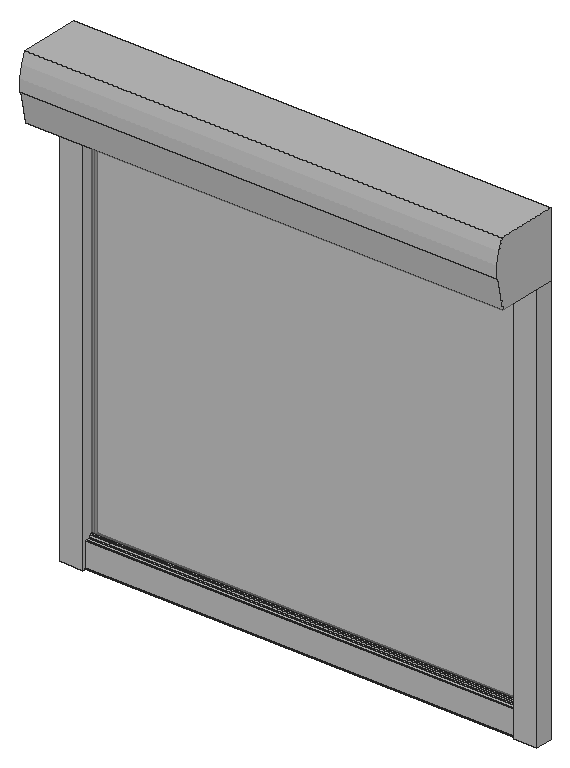
Revit family "Window_Shade-Draper-FlexShade_Zip", category Specialty Equipment, Revit 2026
Family settings
  Round Connector Dimension = Use Diameter
  Part Type = Normal
  Classification Number = 23.30.20.11
  Work Plane-Based = No
  Enable Cutting in Views = No
  Always vertical = Yes
  Cut with Voids When Loaded = No
  Maintain Annotation Orientation = No
  Shared = No
  Room Calculation Point = No
Parameters (values of type "125 Style Headbox")
  Wind Note = "Very wind resistant.  Wind tunnel tested up to 90 MPH."  # constant formula
  Width Constraint [instance] = if(and(Small Motor, Width < 2' 0 7/8"), 2' 0 7/8", if(and(Large Motor, Width < 2' 7 1/2"), 2' 7 1/2", if(and([105 Style Headbox], Width > 13' 1"), 13' 1", if(and([125 Style Headbox], Width > 16' 5"), 16' 5", Width))))  # 3' - 0"
  Width [instance] = 3' - 0"
  URL = "http://www.draperinc.com/index.asp"
  Standard Headbox Design [instance] = no
  R Single Side Channel [instance] = yes
  Right No Channel [instance] = not(and(or(R Single Side Channel, R Double Side Channel)))  # no
  R Double Side Channel [instance] = no
  Multiple Units [instance] = "A Maximum of 3 Panels can be added together."  # constant formula
  Large Motor [instance] = not(Small Motor)  # no
  Small Motor [instance] = yes
  Left No Channel [instance] = not(and(or(L Single Side Channel, L Double Side Channel)))  # no
  Height of Screen [instance] = 0' - 0"
  Default Elevation = 0' - 0"
  Casing = Metal - Draper - Silver
  R HemBar [instance] = if(R Single Side Channel, 0' 1 3/4", 0' 1 1/16")  # 0' - 1 3/4"
  Product Page URL = "www.draperinc.com/go/FlexShadeZip.htm"
  Product Name = "FlexShade Zip"  # constant formula
  Model = "FlexShade"  # constant formula
  Material = ""
  Manufacturer = "Draper"  # constant formula
  Shade Fabric = Fabric - Draper - Screen
  L Single Side Channel [instance] = yes
  L Double Side Channel [instance] = no
  L HemBar [instance] = if(L Single Side Channel, 0' 1 3/4", 0' 1 1/16")  # 0' - 1 3/4"
  Head Box Height [instance] = if([105 Style Headbox], 0' 4 1/8", 0' 4 15/16")  # 0' - 4 15/16"
  Head Box Depth [instance] = if(and([105 Style Headbox], Standard Headbox Design), 0' 4 1/8", if(and([105 Style Headbox], Curved Headbox Design), 0' 4 1/2", if(and([125 Style Headbox], Standard Headbox Design), 0' 4 3/4", if(and([125 Style Headbox], Curved Headbox Design), 0' 5 1/8", 0' 4 1/8"))))  # 0' - 5 1/8"
  Curved Headbox Design [instance] = not(Standard Headbox Design)  # yes
  C Height Screen [instance] = if(Height of Screen < 0' 1 13/16", 0' 1 13/16", if(Height of Screen > Height Constraint - Head Box Height, Height Constraint - Head Box Height, Height of Screen))  # 0' - 1 13/16"
  105 Style Headbox = not([125 Style Headbox])  # no
  Height Constraint [instance] = if(and([105 Style Headbox], Height > 11' 6"), 11' 6", if(and([125 Style Headbox], Height > 16' 5"), 16' 5", Height))  # 3' - 0"
  Height [instance] = 3' - 0"
  125 Style Headbox = yes
  Description = "Wind Resistant Roller Shade"  # constant formula
Types (3): name | Height of Screen | Product Page URL | Head Box Height | Head Box Depth | C Height Screen | 105 Style Headbox | 125 Style Headbox
  (no name) | 0' - 0" | "www.draperinc.com/go/FlexShadeZip.htm" | 0' - 4 15/16" | 0' - 5 1/8" | 0' - 1 13/16" | no | yes
  105 Style Headbox | 0' - 4.04612" | "http://www.draperinc.com/SolarControlSolutions/solarProducts.asp?detail=239" | 0' - 4 1/8" | 0' - 4 1/2" | 0' - 4.04612" | yes | no
  125 Style Headbox | 0' - 0" | "www.draperinc.com/go/FlexShadeZip.htm" | 0' - 4 15/16" | 0' - 5 1/8" | 0' - 1 13/16" | no | yes
Reference planes (in)
  plane 1 "Center (Front/Back)": y = 0
  plane 2: z = 0
  plane 3 "Center (Left/Right)": x = 0
  plane 4: x = -18
  plane 5: x = 18
  plane 6: x = -16.25
  plane 7: x = 16.25
  plane 8: x = -16.9375
  plane 9: x = -19.0625
  plane 10: x = 19.0625
  plane 11: x = 16.9375
  plane 12 "Left HemBar": x = -16.25
  plane 13 "Right HemBar": x = 16.25
  plane 14: z = -36
  plane 15 "Front": y = -5.125
  plane 16: z = -4.9375
  plane 17: y = -1.125
  plane 18: z = -4.8125
  plane 19: z = -34.1875
  plane 20: z = -4.8125
  plane 21: x = -24.77063
  plane 22: x = 26
Forms (in)
  Extrusion 1, solid, material "Metal - Draper - Silver" <- "Casing", visible <- "Standard Headbox Design"
    sketch origin (0, 0, -36) x (0, -1, 0) y (0, 0, -1)
      loop
        line (5.125, -36) -> (5.125, -32.26839) -> (3.54411, -31.0625) -> (0, -31.0625) -> (0, -36) -> (5.125, -36)
    from -18 to 18
  Extrusion 2, solid, material "Metal - Draper - Silver" <- "Casing", visible <- "Curved Headbox Design"
    sketch origin (0, 0, -36) x (0, -1, 0) y (0, 0, -1)
      loop
        line (0, -36) -> (4.62279, -36)
        arc (4.62279, -36) -> (4.9781, -34.7094) -> (5.02879, -33.37174) r 5.81348
        line (5.02879, -33.37174) -> (4.93205, -33.37174)
        arc (4.93205, -33.37174) -> (4.75501, -32.21304) -> (4.531, -31.0625) r 28.82135
        line (4.531, -31.0625) -> (0, -31.0625) -> (0, -36)
    from -18 to 18
  Extrusion 3, solid, material "Metal - Draper - Silver" <- "Casing", visible <- "L Single Side Channel"
    sketch origin (5.40947, -4.31844, -36) x (1, 0, 0) y (0, 1, 0)
      loop
        line (-23.40947, 4.31844) -> (-23.40947, 3.01302) -> (-21.65947, 3.01302) -> (-21.65947, 3.74955) -> (-21.90947, 3.74955) -> (-21.90947, 3.92193) -> (-22.13919, 3.92193) -> (-22.13919, 3.98443) -> (-21.90947, 3.98443) -> (-21.90947, 4.13281) -> (-21.65947, 4.13281) -> (-21.65947, 4.31844) -> (-23.40947, 4.31844)
    from 0 to 31.0625
  Extrusion 4, solid, material "Metal - Draper - Silver" <- "Casing", visible <- "L Double Side Channel"
    sketch origin (4.72197, -4.31844, -36) x (1, 0, 0) y (0, 1, 0)
      loop
        line (-23.78447, 3.01302) -> (-21.65947, 3.01302) -> (-21.65947, 3.74955) -> (-21.90947, 3.74955) -> (-21.90947, 3.92193) -> (-22.13919, 3.92193) -> (-22.13919, 3.98443) -> (-21.90947, 3.98443) -> (-21.90947, 4.13281) -> (-21.65947, 4.13281) -> (-21.65947, 4.31844) -> (-23.78447, 4.31844) -> (-23.78447, 4.13281) -> (-23.53447, 4.13281) -> (-23.53447, 3.98443) -> (-23.30474, 3.98443) -> (-23.30474, 3.92193) -> (-23.53447, 3.92193) -> (-23.53447, 3.74955) -> (-23.78447, 3.74955) -> (-23.78447, 3.01302)
    from 0 to 31.0625
  Extrusion 5, solid, material "Fabric - Draper - Screen" <- "Shade Fabric"
    sketch origin (0, 0, -36) x (1, 0, 0) y (0, 0, -1)
      loop
        line (-16.72973, -31.1875) -> (16.72973, -31.1875) -> (16.72973, -1.8125) -> (-16.72973, -1.8125) -> (-16.72973, -31.1875)
    from -0.39651 to -0.33401
  Extrusion 6, solid, material "Metal - Draper - Silver" <- "Casing"
    sketch origin (0, 0, -36) x (0, -1, 0) y (0, 0, -1)
      loop
        arc (0, -1.9004) -> (0.01831, -1.94459) -> (0.0625, -1.9629) r 0.0625
        line (0.0625, -1.9629) -> (0.18008, -1.9629)
        arc (0.18008, -1.9629) -> (0.22427, -1.94459) -> (0.24258, -1.9004) r 0.0625
        line (0.24258, -1.9004) -> (0.24258, -1.81819) -> (0.39651, -1.81819) -> (0.39651, -2.125)
        arc (0.39651, -2.125) -> (0.41481, -2.16919) -> (0.45901, -2.1875) r 0.0625
        line (0.45901, -2.1875) -> (0.62702, -2.1875)
        arc (0.62702, -2.1875) -> (0.66507, -2.17458) -> (0.68739, -2.14118) r 0.0625
        line (0.68739, -2.14118) -> (0.71956, -2.02112)
        arc (0.71956, -2.02112) -> (0.74761, -1.97913) -> (0.79543, -1.9629) r 0.07855
        line (0.79543, -1.9629) -> (1.0625, -1.9629)
        arc (1.0625, -1.9629) -> (1.10669, -1.94459) -> (1.125, -1.9004) r 0.0625
        line (1.125, -1.9004) -> (1.125, -0.0625)
        arc (1.125, -0.0625) -> (1.10669, -0.01831) -> (1.0625, 0) r 0.0625
        line (1.0625, 0) -> (0.0625, 0)
        arc (0.0625, 0) -> (0.01831, -0.01831) -> (0, -0.0625) r 0.0625
        line (0, -0.0625) -> (0, -1.9004)
    from -16.25 to 16.25
  Extrusion 7, solid, material "Metal - Draper - Silver" <- "Casing", visible <- "R Single Side Channel"
    sketch origin (-5.40947, -4.31844, -36) x (-1, 0, 0) y (0, -1, 0)
      loop
        line (-23.40947, -4.31844) -> (-21.65947, -4.31844) -> (-21.65947, -4.13281) -> (-21.90947, -4.13281) -> (-21.90947, -3.98443) -> (-22.13919, -3.98443) -> (-22.13919, -3.92193) -> (-21.90947, -3.92193) -> (-21.90947, -3.74955) -> (-21.65947, -3.74955) -> (-21.65947, -3.01302) -> (-23.40947, -3.01302) -> (-23.40947, -4.31844)
    from 0 to 31.0625
  Extrusion 8, solid, material "Metal - Draper - Silver" <- "Casing", visible <- "R Double Side Channel"
    sketch origin (-4.72197, -4.31844, -36) x (-1, 0, 0) y (0, -1, 0)
      loop
        line (-23.78447, -3.01302) -> (-23.78447, -3.74955) -> (-23.53447, -3.74955) -> (-23.53447, -3.92193) -> (-23.30474, -3.92193) -> (-23.30474, -3.98443) -> (-23.53447, -3.98443) -> (-23.53447, -4.13281) -> (-23.78447, -4.13281) -> (-23.78447, -4.31844) -> (-21.65947, -4.31844) -> (-21.65947, -4.13281) -> (-21.90947, -4.13281) -> (-21.90947, -3.98443) -> (-22.13919, -3.98443) -> (-22.13919, -3.92193) -> (-21.90947, -3.92193) -> (-21.90947, -3.74955) -> (-21.65947, -3.74955) -> (-21.65947, -3.01302) -> (-23.78447, -3.01302)
    from 0 to 31.0625
Lines and regions (in)
  Masking region 1
    outline origin (0, 0, 0) x (1, 0, 0) y (0, 1, 0)
      loop
        line (-18, 0) -> (-18, -5.125) -> (18, -5.125) -> (18, 0) -> (-18, 0)
Dimensions and locks (in)
  equal spacing: plane 5, plane 3 "Center (Left/Right)", plane 4
  "Width Constraint": plane 5 to plane 4
  locked: plane 4 to plane 6 at 1.75
  locked: plane 7 to plane 5 at 1.75
  locked: plane 4 to plane 8 at 1.0625
  plane 11 to plane 5 to plane 10 = 0' - 1 1/16" locked, 0' - 1 1/16" locked
  locked: plane 9 to plane 4 at 1.0625
  "L HemBar": plane 12 "Left HemBar" to plane 4
  "R HemBar": plane 5 to plane 13 "Right HemBar"
  "Head Box Depth": plane 1 "Center (Front/Back)" to plane 15 "Front"
  "Head Box Height": plane 2 to plane 16
  plane 1 "Center (Front/Back)" to Extrusion 4 sketch curve to Extrusion 4 sketch curve to Extrusion 4 sketch curve to Extrusion 4 sketch curve to Extrusion 4 sketch curve to Extrusion 4 sketch curve to Extrusion 4 sketch curve to Extrusion 4 sketch curve = 0' - 0.18563" locked, 0' - 0" locked, 0' - 0.14837" locked, 0' - 0" locked, 0' - 0 1/16" locked, 0' - 0" locked, 0' - 0.17238" locked, 0' - 0" locked
  plane 9 to Extrusion 4 sketch curve to Extrusion 4 sketch curve to Extrusion 4 sketch curve = 0' - 0 1/4" locked, 0' - 0" locked, 0' - 0.22973" locked
  Extrusion 4 sketch curve to Extrusion 4 sketch curve to Extrusion 4 sketch curve to plane 8 = 0' - 0.22973" locked, 0' - 0" locked, 0' - 0 1/4" locked
  locked: Extrusion 1 sketch curve to plane 15 "Front" at 1.58089
  locked: Extrusion 1 sketch curve to plane 16 at 1.20589
  Extrusion 2 sketch curve to Extrusion 2 sketch curve to Extrusion 2 sketch curve to Extrusion 2 sketch curve to plane 15 "Front" = 0' - 0.09179" locked, 0' - 0.30926" locked, 0' - 0.09674" locked, 0' - 0.09621" locked
  locked: plane 1 "Center (Front/Back)" to plane 17 at 1.125
  Extrusion 6 sketch curve to Extrusion 6 sketch curve to Extrusion 6 sketch curve to Extrusion 6 sketch curve to Extrusion 6 sketch curve to Extrusion 6 sketch curve to Extrusion 6 sketch curve to Extrusion 6 sketch curve to Extrusion 6 sketch curve to Extrusion 6 sketch curve to Extrusion 6 sketch curve to Extrusion 6 sketch curve to plane 14 = 0' - 0 1/16" locked, 0' - 0" locked, 0' - 0.08355" locked, 0' - 0.07855" locked, 0' - 0" locked, 0' - 0 1/16" locked, 0' - 0" locked, 0' - 0" locked, 0' - 0.08221" locked, 0' - 1.75569" locked, 0' - 0" locked, 0' - 0 1/16" locked
  plane 1 "Center (Front/Back)" to Extrusion 6 sketch curve to Extrusion 6 sketch curve to Extrusion 6 sketch curve to Extrusion 6 sketch curve to Extrusion 6 sketch curve = 0' - 0.24258" locked, 0' - 0.15393" locked, 0' - 0.29088" locked, 0' - 0.03217" locked, 0' - 0.07587" locked
  locked: plane 12 "Left HemBar" to Extrusion 5 sketch curve at 0.47973
  locked: Extrusion 5 sketch curve to plane 13 "Right HemBar" at 0.47973
  plane 1 "Center (Front/Back)" to Extrusion 5 to Extrusion 5 = 0' - 0.33401" locked, 0' - 0 1/16" locked
  Extrusion 3 sketch curve to Extrusion 3 sketch curve to Extrusion 3 sketch curve to Extrusion 3 sketch curve to Extrusion 3 sketch curve to plane 1 "Center (Front/Back)" = 0' - 0.73653" locked, 0' - 0.17238" locked, 0' - 0 1/16" locked, 0' - 0.14837" locked, 0' - 0.18563" locked
  Extrusion 3 sketch curve to Extrusion 3 sketch curve to Extrusion 3 sketch curve to plane 12 "Left HemBar" = 0' - 0.22973" locked, 0' - 0" locked, 0' - 0 1/4" locked
  Extrusion 7 sketch curve to Extrusion 7 sketch curve to Extrusion 7 sketch curve to Extrusion 7 sketch curve to Extrusion 7 sketch curve to plane 1 "Center (Front/Back)" = 0' - 0.73653" locked, 0' - 0.17238" locked, 0' - 0 1/16" locked, 0' - 0.14837" locked, 0' - 0.18563" locked
  plane 13 "Right HemBar" to Extrusion 7 sketch curve to Extrusion 7 sketch curve to Extrusion 7 sketch curve = 0' - 0 1/4" locked, 0' - 0" locked, 0' - 0.22973" locked
  plane 11 to Extrusion 8 sketch curve to Extrusion 8 sketch curve to Extrusion 8 sketch curve = 0' - 0 1/4" locked, 0' - 0" locked, 0' - 0.22973" locked
  Extrusion 8 sketch curve to Extrusion 8 sketch curve to Extrusion 8 sketch curve to plane 10 = 0' - 0.22973" locked, 0' - 0" locked, 0' - 0 1/4" locked
  Extrusion 8 sketch curve to Extrusion 8 sketch curve to Extrusion 8 sketch curve to Extrusion 8 sketch curve to Extrusion 8 sketch curve to Extrusion 8 sketch curve to Extrusion 8 sketch curve to Extrusion 8 sketch curve to Extrusion 8 sketch curve to plane 1 "Center (Front/Back)" = 0' - 0.73653" locked, 0' - 0" locked, 0' - 0.17238" locked, 0' - 0" locked, 0' - 0 1/16" locked, 0' - 0" locked, 0' - 0.14837" locked, 0' - 0" locked, 0' - 0.18563" locked
  "Height Constraint": plane 2 to plane 14
  "C Height Screen": plane 19 to plane 14
  locked: plane 20 to plane 16 at 0.125
  aligned and locked: plane 2 to level
  aligned and locked: Extrusion 1 sketch curve to plane 2
  aligned and locked: plane 1 "Center (Front/Back)" to Extrusion 1 sketch curve
  aligned and locked: plane 16 to Extrusion 1 sketch curve
  aligned and locked: plane 1 "Center (Front/Back)" to Extrusion 2 sketch curve
  aligned and locked: Extrusion 2 sketch curve to plane 2
  aligned and locked: plane 16 to Extrusion 2 sketch curve
  aligned and locked: Extrusion 6 sketch curve to plane 1 "Center (Front/Back)"
  aligned and locked: Extrusion 6 sketch curve to plane 14
  aligned and locked: plane 17 to Extrusion 6 sketch curve
  aligned and locked: Extrusion 2 to plane 4
  aligned and locked: Extrusion 1 to plane 4
  aligned and locked: plane 5 to Extrusion 2
  aligned and locked: plane 5 to Extrusion 1
  aligned and locked: Extrusion 6 to plane 12 "Left HemBar"
  aligned and locked: plane 13 "Right HemBar" to Extrusion 6
  aligned and locked: Extrusion 3 sketch curve to plane 4
  aligned and locked: plane 12 "Left HemBar" to Extrusion 3 sketch curve  (x2)
  aligned and locked: plane 1 "Center (Front/Back)" to Extrusion 7 sketch curve
  aligned and locked: Extrusion 7 sketch curve to plane 5
  aligned and locked: plane 13 "Right HemBar" to Extrusion 7 sketch curve  (x2)
  aligned and locked: Extrusion 8 sketch curve to plane 10  (x2)
  aligned and locked: Extrusion 8 sketch curve to plane 11  (x2)
  aligned and locked: Masking region 1 sketch curve to Extrusion 1  (x4)
  aligned and locked: plane 16 to Extrusion 3
  aligned and locked: plane 16 to Extrusion 8
  aligned and locked: plane 16 to Extrusion 7
  aligned and locked: plane 16 to Extrusion 4
  aligned and locked: Extrusion 3 to plane 14
  aligned and locked: Extrusion 4 to plane 14
  aligned and locked: Extrusion 8 to plane 14
  aligned and locked: Extrusion 7 to plane 14
  aligned and locked: plane 19 to Extrusion 5 sketch curve
  aligned and locked: Extrusion 5 sketch curve to plane 18
Automatic sketch dimensions
  Extrusion 1 sketch curve to plane 15 "Front" = 0' - 0"
  Extrusion 2 sketch curve to level = 0' - 2.62826"
  level to Extrusion 2 sketch curve = 0' - 1.14468"
  Extrusion 2 sketch curve to plane 1 "Center (Front/Back)" = 0' - 0.76723"
  plane 1 "Center (Front/Back)" to Extrusion 3 sketch curve = 0' - 0"
  Extrusion 4 sketch curve to plane 9 = 0' - 0"  (x2)
  plane 1 "Center (Front/Back)" to Extrusion 4 sketch curve = 0' - 0"
  Extrusion 4 sketch curve to plane 8 = 0' - 0"  (x2)
  Extrusion 4 sketch curve to plane 17 = 0' - 0.18042"
  plane 1 "Center (Front/Back)" to Extrusion 6 sketch curve = 0' - 0.62702"
  plane 1 "Center (Front/Back)" to Extrusion 8 sketch curve = 0' - 0"
